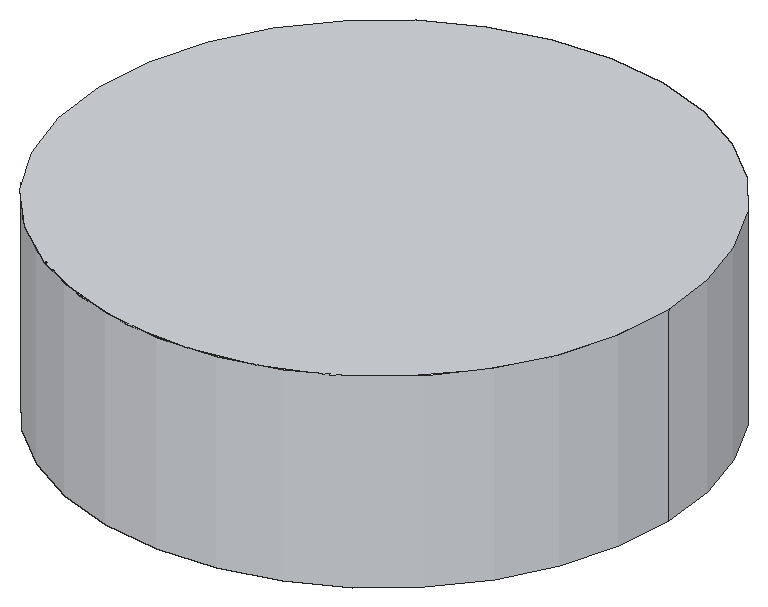
Revit family "其他点测点", category 常规模型, Revit 2016
Family settings
  零件类型 = 标准
  可将钢筋附着到主体 = 否
  圆形连接件大小 = 使用直径
  基于工作平面 = 否
  总是垂直 = 是
  加载时剪切的空心 = 否
  共享 = 否
  房间计算点 = 否
Parameters
  高度 = 100 mm
  直径 = 300 mm
  监测数据 [instance] = ""
  测点编号 [instance] = "QTD01"
Reference planes
  plane 1 "中心(前/后)": y = 0
  plane 2: z = 0
  plane 3 "中心(左/右)": x = 0
Forms (mm)
  Extrusion 1, solid
    sketch origin (0, 0, 0) x (1, 0, 0) y (0, 1, 0)
      loop
        circle (0, 0) r 150
    from 0 to 100
Dimensions and locks
  "高度": Extrusion 1 to Extrusion 1
  "直径": diameter of Extrusion 1 sketch curve
  aligned and locked: level to plane 2
  aligned and locked: Extrusion 1 to level
Automatic sketch dimensions
  plane 1 "中心(前/后)" to Extrusion 1 sketch curve = 0 mm
  Extrusion 1 sketch curve to plane 3 "中心(左/右)" = 0 mm
